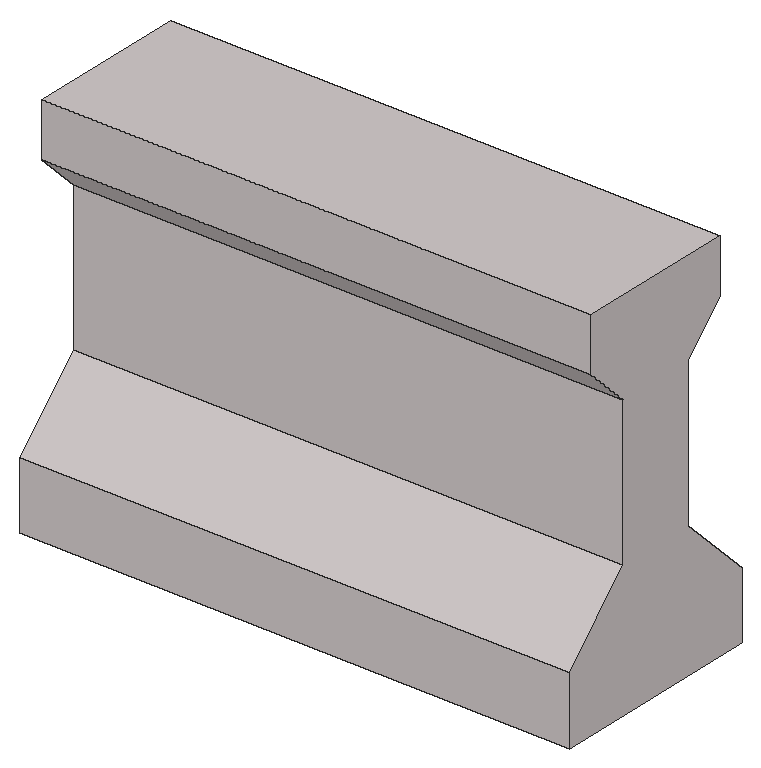
Revit family "M_Pré-moldado-Viga em forma de I", category Quadro estrutural, Revit 2019
Family settings
  Exibir em vistas ocultas = Arestas ocultadas por outros membros
  Arredondamento do comprimento do framing estrutural = 0 mm
  Forma do corte = Não definido
  Material para o comportamento do modelo = Concreto pré-moldado
  Exportar sempre como geometria = Não
  Número OmniClass = 23.25.30.11.14.14
  Título OmniClass = Beams
  ID de item do Seek = Precast-I Shaped Beam-0000-CAN-ENU
  Sempre na vertical = Sim
  Corte com vazios quando carregada = Não
  Representação simbólica = Da família
  Compartilhado = Não
  Exibir o pré-corte da família na vista da planta = Sim
Parameters (values of type "Tipo I")
  Material estrutural = Concreto - Moldado in loco - 35 MPa
  D6 = 125 mm
  D5 = 125 mm
  D4 = 75 mm
  D3 = 0 mm
  D2 = 100 mm
  B6 = 125 mm
  B5 = 0 mm
  B4 = 75 mm
  B3 = 150 mm
  B2 = B3 + B6 * 2  # 400 mm
  Código de montagem = "B10"
  Length [instance] = 1500 mm
  B1 = B3 + B4 * 2 + B5 * 2  # 300 mm
  D1 = 700 mm
Types (7, lengths in mm): name | D6 | D5 | D4 | D3 | D2 | B6 | B5 | B4 | B3 | B2 | B1 | D1
  (no name) | 125 | 125 | 75 | 0 | 100 | 125 | 0 | 75 | 150 | 400 | 300 | 700
  Tipo II | 150 | 150 | 75 | 0 | 150 | 150 | 0 | 75 | 150 | 450 | 300 | 900
  Tipo I | 125 | 125 | 75 | 0 | 100 | 125 | 0 | 75 | 150 | 400 | 300 | 700
  Tipo III | 180 | 190 | 110 | 0 | 180 | 190 | 0 | 110 | 180 | 560 | 400 | 1150
  Tipo IV | 200 | 230 | 150 | 0 | 200 | 230 | 0 | 150 | 200 | 660 | 500 | 1370
  Tipo V | 200 | 250 | 100 | 75 | 125 | 250 | 330 | 100 | 200 | 700 | 1060 | 1600
  Tipo VI | 200 | 250 | 100 | 75 | 125 | 250 | 330 | 100 | 200 | 700 | 1060 | 1800
Reference planes
  plane 1 "Centro (Frente/Trás)": y = 0
  plane 2: z = 0
  plane 3 "Centro (Esquerda/Direita)": x = 4.61
  plane 4 "Membro esquerdo": x = -506.19
  plane 5 "Membro direito": x = 515.41
  plane 6: y = 150
  plane 7: y = -150
  plane 8: z = 350
  plane 9 "Inferior": z = -350
  plane 10 "Esquerda": x = -757.39
  plane 11 "Direita": x = 742.61
  plane 12: y = 200
  plane 13: y = -200
Forms (mm)
  Sweep 1, solid, material "Concreto - Moldado in loco - 35 MPa" <- "Material estrutural"
    path origin (0, 0, 0) x (1, 0, 0) y (0, 1, 0)
      loop
        line (515.41, 0) -> (-506.19, 0)
    profile "M_Perfil da viga em I pré-moldada : M_Perfil da viga em I pré-moldada" origin (4.61, 0, 0) x (0, -1, 0) y (0, 0, 1)
      loop
        line (-150, 350) -> (-150, 300) -> (-150, 250) -> (-75, 175) -> (-75, -100) -> (-200, -225) -> (-200, -350) -> (200, -350) -> (200, -225) -> (75, -100) -> (75, 175) -> (150, 250) -> (150, 300) -> (150, 350) -> (-150, 350)
Dimensions and locks
  "B1": plane 6 to plane 7
  equal spacing: plane 9 "Inferior", plane 2, plane 8
  equal spacing: plane 6, plane 1 "Centro (Frente/Trás)", plane 7
  "D1": plane 9 "Inferior" to plane 8
  "Length": plane 10 "Esquerda" to plane 11 "Direita"
  "B2": plane 12 to plane 13
  equal spacing: plane 12, plane 1 "Centro (Frente/Trás)", plane 13
  aligned and locked: Sweep 1 sketch curve to plane 1 "Centro (Frente/Trás)"
  aligned and locked: plane 4 "Membro esquerdo" to Sweep 1 sketch curve
  aligned and locked: plane 5 "Membro direito" to Sweep 1 sketch curve
